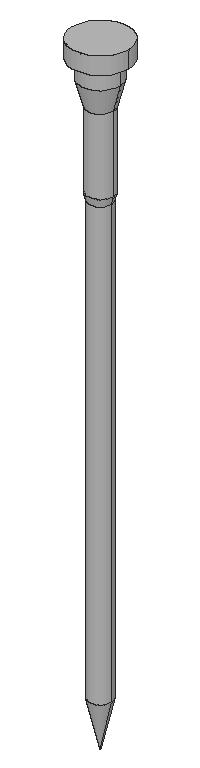
Revit family "ROTHOB_Rothoblaas_Screw_HBSPlate-HBSPL", category Structural Connections, host Face, Revit 2022
Family settings
  Host = Face
  Material for Model Behavior = Steel
  OmniClass Number = 23.20.40.11.14.24
  OmniClass Title = Screws
  Enable cutting in views = Yes
  Cut with Voids When Loaded = No
  Shared = No
Parameters (values of type "HBSPL12200_12x200mm")
  WasherThickness_tk = if(ModelNumberCode < 1000, 4.5000 mm, if(ModelNumberCode < 1100, 5.0000 mm, if(ModelNumberCode < 10000, 4.5000 mm, if(ModelNumberCode > 11900, 5.5000 mm, 5.0000 mm))))  # 5.5000 mm
  WarrantyStartDate [instance] = ""
  WarrantyGuarantorParts = "n/a"
  WarrantyGuarantorLabor = "n/a"
  WarrantyDurationUnit = "n/a"
  WarrantyDurationParts = "n/a"
  WarrantyDurationLabor = "n/a"
  WarrantyDescription = "n/a"
  Version = "003"  # constant formula
  UniClass2015Version = "Products v1.38"  # constant formula
  UniClass2015Title = "Self-tapping screws"  # constant formula
  UniClass2015Code = "Pr_20_29_76_75"  # constant formula
  UnderheadLength = if(ModelNumberCode < 1000, 4.0000 mm, if(ModelNumberCode < 1100, 5.0000 mm, if(ModelNumberCode < 10000, 4.0000 mm, if(ModelNumberCode > 11900, 6.0000 mm, 5.0000 mm))))  # 6.0000 mm
  UnderheadDiameter = if(ModelNumberCode < 1000, 10.0000 mm, if(ModelNumberCode < 1100, 12.0000 mm, if(ModelNumberCode < 10000, 10.0000 mm, if(ModelNumberCode > 11900, 13.0000 mm, 12.0000 mm))))  # 13.0000 mm
  Tipo IFC predefinito = "USERDEFINED"
  TipLength = if(ModelNumberCode < 1000, 11.8318 mm, if(ModelNumberCode < 1100, 13.2356 mm, if(ModelNumberCode < 10000, 11.8318 mm, if(ModelNumberCode > 11900, 14.6393 mm, 13.2356 mm))))  # 14.6393 mm
  ThreadRadius = ThreadDiameter_d2 / 2  # 3.6500 mm
  ThreadLength_b = if(ModelNumberCode = 860, 52.0000 mm, if(ModelNumberCode = 880, 55.0000 mm, if(ModelNumberCode = 8100, 75.0000 mm, if(ModelNumberCode = 8120, 95.0000 mm, if(ModelNumberCode = 8140, 110.0000 mm, if(ModelNumberCode = 8160, 130.0000 mm, if(ModelNumberCode = 1080, 60.0000 mm, if(ModelNumberCode = 10100, 75.0000 mm, if(ModelNumberCode = 10120, 95.0000 mm, if(ModelNumberCode = 10140, 110.0000 mm, if(ModelNumberCode = 10160, 130.0000 mm, if(ModelNumberCode = 10180, 150.0000 mm, if(ModelNumberCode = 12100, 75.0000 mm, if(ModelNumberCode = 12120, 90.0000 mm, if(ModelNumberCode = 12140, 110.0000 mm, if(ModelNumberCode = 12160, 120.0000 mm, if(ModelNumberCode = 12180, 140.0000 mm, if(ModelNumberCode = 12200, 160.0000 mm, 150.0000 mm))))))))))))))))))  # 160.0000 mm
  ThreadDiameter_d2 = if(ModelNumberCode < 1000, 5.9000 mm, if(ModelNumberCode < 1100, 6.6000 mm, if(ModelNumberCode < 10000, 5.9000 mm, if(ModelNumberCode > 11900, 7.3000 mm, 6.6000 mm))))  # 7.3000 mm
  SustainabilityPerformance = "n/a"  # constant formula
  Size = "12x200 mm"
  Shape = "Cylindrical"  # constant formula
  ShankLength = if(ModelNumberCode < 870, 1.0000 mm, if(ModelNumberCode < 900, 14.9929 mm, if(ModelNumberCode < 1090, 7.7353 mm, if(ModelNumberCode < 8130, 14.9929 mm, if(ModelNumberCode < 8170, 19.9929 mm, if(ModelNumberCode < 10130, 12.7352 mm, if(ModelNumberCode < 10190, 17.7353 mm, if(ModelNumberCode < 12110, 9.7949 mm, if(ModelNumberCode < 12150, 14.7888 mm, 24.7888 mm)))))))))  # 24.7888 mm
  ShankDiameter_ds = if(ModelNumberCode < 1000, 6.3000 mm, if(ModelNumberCode < 1100, 7.2000 mm, if(ModelNumberCode < 10000, 6.3000 mm, if(ModelNumberCode > 11900, 8.5500 mm, 7.2000 mm))))  # 8.5500 mm
  Revision = "000"  # constant formula
  ReplacementCost = "n/a"
  HeadType = "Reinforced pan head"  # constant formula
  H2 = if(ModelNumberCode < 1000, 2.0141 mm, if(ModelNumberCode < 1100, 1.5329 mm, if(ModelNumberCode < 10000, 2.0141 mm, if(ModelNumberCode > 11900, 2.4209 mm, 1.5329 mm))))  # 2.4209 mm
  H1 = if(ModelNumberCode < 1000, 5.0000 mm, if(ModelNumberCode < 1100, 6.5000 mm, if(ModelNumberCode < 10000, 5.0000 mm, if(ModelNumberCode > 11900, 8.0000 mm, 6.5000 mm))))  # 8.0000 mm
  GTIN = "8059386079119"
  Default Elevation = 1219.2000 mm
  ProductInformation = "www.rothoblaas.com/products/fastening/screws/screws-carpentry/hbs-plate"
  OmniClassVersion = "2012-05-16"  # constant formula
  OmniClassTitle = "Screws"  # constant formula
  OmniClassCode = "23.20.40.11.14.24"  # constant formula
  ObjectMaterial = ROTHOB_Rothoblaas_CarbonSteel_Electrogalvanized
  NominalWidth = "n/a"  # constant formula
  NominalLength = InsertionLength_L  # 200.0000 mm
  NominalHeight = "n/a"  # constant formula
  NominalDiameter = NominalDiameter_d1  # 12.0000 mm
  NominalDiameter_d1 = if(ModelNumberCode < 1000, 8.0000 mm, if(ModelNumberCode < 1100, 10.0000 mm, if(ModelNumberCode < 10000, 8.0000 mm, if(ModelNumberCode > 11900, 12.0000 mm, 10.0000 mm))))  # 12.0000 mm
  Name = "Screw"  # constant formula
  ModelReference = "n/a"  # constant formula
  ModelNumberCode = 12200
  ModelNumber = "HBSPL12200"
  ModelDisclaimer = "The latest version of the data sheets can be found on our website"  # constant formula
  MinWeight = "0.094 kg"
  Material = "Electrogalvanized carbon steel"  # constant formula
  ManufacturerURL = "www.rothoblaas.com"
  ManufacturerName = "ROTHO BLAAS SRL"  # constant formula
  Manufacturer = "info@rothoblaas.com"
  Manufacturer = "info@rothoblaas.com"
  InstallationDate [instance] = ""
  InsertionLength_L = if(ModelNumberCode = 860, 60.0000 mm, if(ModelNumberCode = 880, 80.0000 mm, if(ModelNumberCode = 8100, 100.0000 mm, if(ModelNumberCode = 8120, 120.0000 mm, if(ModelNumberCode = 8140, 140.0000 mm, if(ModelNumberCode = 8160, 160.0000 mm, if(ModelNumberCode = 1080, 80.0000 mm, if(ModelNumberCode = 10100, 100.0000 mm, if(ModelNumberCode = 10120, 120.0000 mm, if(ModelNumberCode = 10140, 140.0000 mm, if(ModelNumberCode = 10160, 160.0000 mm, if(ModelNumberCode = 10180, 180.0000 mm, if(ModelNumberCode = 12100, 100.0000 mm, if(ModelNumberCode = 12120, 120.0000 mm, if(ModelNumberCode = 12140, 140.0000 mm, if(ModelNumberCode = 12160, 160.0000 mm, if(ModelNumberCode = 12180, 180.0000 mm, if(ModelNumberCode = 12200, 200.0000 mm, 250.0000 mm))))))))))))))))))  # 200.0000 mm
  IfcExportType = "USERDEFINED"
  IfcExportAs = "IfcMechanicalFastenerType"
  ICC-ESTitle = "Rotho blaas self-tapping wood screws | Rotho Blaas Self-tapping Wood Screws"  # constant formula
  ICC-ESCode = "ESR-4645 | ELC-4645"  # constant formula
  HeadThickness_t1 = if(ModelNumberCode < 1000, 13.5000 mm, if(ModelNumberCode < 1100, 16.5000 mm, if(ModelNumberCode < 10000, 13.5000 mm, if(ModelNumberCode > 11900, 19.5000 mm, 16.5000 mm))))  # 19.5000 mm
  HeadDiameter_dk = if(ModelNumberCode < 1000, 13.5000 mm, if(ModelNumberCode < 1100, 16.5000 mm, if(ModelNumberCode < 10000, 13.5000 mm, if(ModelNumberCode > 11900, 18.5000 mm, 16.5000 mm))))  # 18.5000 mm
  Grade = "n/a"  # constant formula
  Finish = "Zinc plated"  # constant formula
  Features = "Self-tapping screws for steel-timber connections"  # constant formula
  ExpectedLife = "50"  # constant formula
  Esporta tipo in formato IFC con nome = "IfcMechanicalFastenerType"
  DurationUnit = "Years"  # constant formula
  Description = "Pan head screws for plates"  # constant formula
  Description = "Pan head screws for plates"  # constant formula
  Constituents = "n/a"  # constant formula
  Color = "Silver"  # constant formula
  CodePerformance = "CE - Construction products"  # constant formula
  Category = "Pr_20_29_76_75: Self-tapping screws"  # constant formula
  CETitle = "Rotho Blaas Self-tapping screws and threaded rods"  # constant formula
  CECode = "ETA-11/0030"  # constant formula
  BitType = if(NominalDiameter_d1 = 8.0000 mm, 40, if(NominalDiameter_d1 = 10.0000 mm, 40, if(NominalDiameter_d1 = 12.0000 mm, 50, 0)))  # 50
  BIMObjectName = "ROTHOB_Rothoblaas_Screw_HBSPlate-HBSPL"  # constant formula
  Author = "Augusto Meorali"  # constant formula
  AssetType = "Fixed"  # constant formula
  AccessibilityPerformance = "n/a"  # constant formula
Types (19, lengths in mm): name | WasherThickness_tk | UnderheadLength | UnderheadDiameter | TipLength | ThreadRadius | ThreadLength_b | ThreadDiameter_d2 | Size | ShankLength | ShankDiameter_ds | H2 | H1 | GTIN | NominalLength | NominalDiameter | NominalDiameter_d1 | ModelNumberCode | ModelNumber | MinWeight | InsertionLength_L | HeadThickness_t1 | HeadDiameter_dk | BitType
  (no name) | 5.5000 | 6.0000 | 13.0000 | 14.6393 | 3.6500 | 160.0000 | 7.3000 | "12x200 mm" | 24.7888 | 8.5500 | 2.4209 | 8.0000 | "8059386079119" | 200.0000 | 12.0000 | 12.0000 | 12200 | "HBSPL12200" | "0.094 kg" | 200.0000 | 19.5000 | 18.5000 | 50
  HBSPL860_8x60mm | 4.5000 | 4.0000 | 10.0000 | 11.8318 | 2.9500 | 52.0000 | 5.9000 | "8x60 mm" | 1.0000 | 6.3000 | 2.0141 | 5.0000 | "8059386079140" | 60.0000 | 8.0000 | 8.0000 | 860 | "HBSPL860" | "0.014 kg" | 60.0000 | 13.5000 | 13.5000 | 40
  HBSPL880_8x80mm | 4.5000 | 4.0000 | 10.0000 | 11.8318 | 2.9500 | 55.0000 | 5.9000 | "8x80 mm" | 14.9929 | 6.3000 | 2.0141 | 5.0000 | "8059386079188" | 80.0000 | 8.0000 | 8.0000 | 880 | "HBSPL880" | "0.027 kg" | 80.0000 | 13.5000 | 13.5000 | 40
  HBSPL8100_8x100mm | 4.5000 | 4.0000 | 10.0000 | 11.8318 | 2.9500 | 75.0000 | 5.9000 | "8x100 mm" | 14.9929 | 6.3000 | 2.0141 | 5.0000 | "8059386079164" | 100.0000 | 8.0000 | 8.0000 | 8100 | "HBSPL8100" | "0.030 kg" | 100.0000 | 13.5000 | 13.5000 | 40
  HBSPL8120_8x120mm | 4.5000 | 4.0000 | 10.0000 | 11.8318 | 2.9500 | 95.0000 | 5.9000 | "8x120 mm" | 14.9929 | 6.3000 | 2.0141 | 5.0000 | "8059386079058" | 120.0000 | 8.0000 | 8.0000 | 8120 | "HBSPL8120" | "0.036 kg" | 120.0000 | 13.5000 | 13.5000 | 40
  HBSPL8140_8x140mm | 4.5000 | 4.0000 | 10.0000 | 11.8318 | 2.9500 | 110.0000 | 5.9000 | "8x140 mm" | 19.9929 | 6.3000 | 2.0141 | 5.0000 | "8059386079195" | 140.0000 | 8.0000 | 8.0000 | 8140 | "HBSPL8140" | "0.030 kg" | 140.0000 | 13.5000 | 13.5000 | 40
  HBSPL8160_8x160mm | 4.5000 | 4.0000 | 10.0000 | 11.8318 | 2.9500 | 130.0000 | 5.9000 | "8x160 mm" | 19.9929 | 6.3000 | 2.0141 | 5.0000 | "8059386079089" | 160.0000 | 8.0000 | 8.0000 | 8160 | "HBSPL8160" | "0.035 kg" | 160.0000 | 13.5000 | 13.5000 | 40
  HBSPL1080_10x80mm | 5.0000 | 5.0000 | 12.0000 | 13.2356 | 3.3000 | 60.0000 | 6.6000 | "10x80 mm" | 7.7353 | 7.2000 | 1.5329 | 6.5000 | "8059386079201" | 80.0000 | 10.0000 | 10.0000 | 1080 | "HBSPL1080" | "0.034 kg" | 80.0000 | 16.5000 | 16.5000 | 40
  HBSPL10100_10x100mm | 5.0000 | 5.0000 | 12.0000 | 13.2356 | 3.3000 | 75.0000 | 6.6000 | "10x100 mm" | 12.7352 | 7.2000 | 1.5329 | 6.5000 | "8059386079072" | 100.0000 | 10.0000 | 10.0000 | 10100 | "HBSPL10100" | "0.038 kg" | 100.0000 | 16.5000 | 16.5000 | 40
  HBSPL10120_10x120mm | 5.0000 | 5.0000 | 12.0000 | 13.2356 | 3.3000 | 95.0000 | 6.6000 | "10x120 mm" | 12.7352 | 7.2000 | 1.5329 | 6.5000 | "8059386079133" | 120.0000 | 10.0000 | 10.0000 | 10120 | "HBSPL10120" | "0.046 kg" | 120.0000 | 16.5000 | 16.5000 | 40
  HBSPL10140_10x140mm | 5.0000 | 5.0000 | 12.0000 | 13.2356 | 3.3000 | 110.0000 | 6.6000 | "10x140 mm" | 17.7353 | 7.2000 | 1.5329 | 6.5000 | "8059386079065" | 140.0000 | 10.0000 | 10.0000 | 10140 | "HBSPL10140" | "0.047 kg" | 140.0000 | 16.5000 | 16.5000 | 40
  HBSPL10160_10x160mm | 5.0000 | 5.0000 | 12.0000 | 13.2356 | 3.3000 | 130.0000 | 6.6000 | "10x160 mm" | 17.7353 | 7.2000 | 1.5329 | 6.5000 | "8059386079102" | 160.0000 | 10.0000 | 10.0000 | 10160 | "HBSPL10160" | "0.058 kg" | 160.0000 | 16.5000 | 16.5000 | 40
  HBSPL10180_10x180mm | 5.0000 | 5.0000 | 12.0000 | 13.2356 | 3.3000 | 150.0000 | 6.6000 | "10x180 mm" | 17.7353 | 7.2000 | 1.5329 | 6.5000 | "8059386079157" | 180.0000 | 10.0000 | 10.0000 | 10180 | "HBSPL10180" | "0.060 kg" | 180.0000 | 16.5000 | 16.5000 | 40
  HBSPL12100_12x100mm | 5.5000 | 6.0000 | 13.0000 | 14.6393 | 3.6500 | 75.0000 | 7.3000 | "12x100 mm" | 9.7949 | 8.5500 | 2.4209 | 8.0000 | "8059386079171" | 100.0000 | 12.0000 | 12.0000 | 12100 | "HBSPL12100" | "0.050 kg" | 100.0000 | 19.5000 | 18.5000 | 50
  HBSPL12120_12x120mm | 5.5000 | 6.0000 | 13.0000 | 14.6393 | 3.6500 | 90.0000 | 7.3000 | "12x120 mm" | 14.7888 | 8.5500 | 2.4209 | 8.0000 | "8059386079232" | 120.0000 | 12.0000 | 12.0000 | 12120 | "HBSPL12120" | "0.063 kg" | 120.0000 | 19.5000 | 18.5000 | 50
  HBSPL12140_12x140mm | 5.5000 | 6.0000 | 13.0000 | 14.6393 | 3.6500 | 110.0000 | 7.3000 | "12x140 mm" | 14.7888 | 8.5500 | 2.4209 | 8.0000 | "8059386079126" | 140.0000 | 12.0000 | 12.0000 | 12140 | "HBSPL12140" | "0.070 kg" | 140.0000 | 19.5000 | 18.5000 | 50
  HBSPL12160_12x160mm | 5.5000 | 6.0000 | 13.0000 | 14.6393 | 3.6500 | 120.0000 | 7.3000 | "12x160 mm" | 24.7888 | 8.5500 | 2.4209 | 8.0000 | "8059386079096" | 160.0000 | 12.0000 | 12.0000 | 12160 | "HBSPL12160" | "0.078 kg" | 160.0000 | 19.5000 | 18.5000 | 50
  HBSPL12180_12x180mm | 5.5000 | 6.0000 | 13.0000 | 14.6393 | 3.6500 | 140.0000 | 7.3000 | "12x180 mm" | 24.7888 | 8.5500 | 2.4209 | 8.0000 | "8059386079041" | 180.0000 | 12.0000 | 12.0000 | 12180 | "HBSPL12180" | "0.086 kg" | 180.0000 | 19.5000 | 18.5000 | 50
  HBSPL12200_12x200mm | 5.5000 | 6.0000 | 13.0000 | 14.6393 | 3.6500 | 160.0000 | 7.3000 | "12x200 mm" | 24.7888 | 8.5500 | 2.4209 | 8.0000 | "8059386079119" | 200.0000 | 12.0000 | 12.0000 | 12200 | "HBSPL12200" | "0.094 kg" | 200.0000 | 19.5000 | 18.5000 | 50
Reference planes
  plane 1 "Centro (Fronte/Retro)": y = 0
  plane 2: z = 0
  plane 3 "Centro (Sinistra/Destra)": x = 0
  plane 4: z = 5.5
  plane 5: z = -6
  plane 6: z = -14
  plane 7: z = -38.789
  plane 8: z = -41.21
  plane 9: z = -185.361
  plane 10: z = -200
  plane 11: x = -3.65
  plane 12: x = 3.65
Forms (mm)
  Extrusion 1, solid, material "ROTHOB_Rothoblaas_CarbonSteel_Electrogalvanized" <- "ObjectMaterial"
    sketch origin (0, 0, 0) x (1, 0, 0) y (0, 1, 0)
      loop
        circle (0, 0) r 9.25
    from 0 to 5.5
  Extrusion 2, solid, material "ROTHOB_Rothoblaas_CarbonSteel_Electrogalvanized" <- "ObjectMaterial"
    sketch origin (0, 0, 0) x (1, 0, 0) y (0, 1, 0)
      loop
        circle (0, 0) r 6.5
    from -6 to 0
  Extrusion 3, solid, material "ROTHOB_Rothoblaas_CarbonSteel_Electrogalvanized" <- "ObjectMaterial"
    sketch origin (0, 0, 0) x (1, 0, 0) y (0, 1, 0)
      loop
        circle (0, 0) r 4.275
    from -38.789 to -14
  Blend 4, solid, material "ROTHOB_Rothoblaas_CarbonSteel_Electrogalvanized" <- "ObjectMaterial"
    base sketch origin (0, 0, 0) x (1, 0, 0) y (0, 1, 0)
      loop
        circle (0, 0) r 4.275
    top sketch origin (0, 0, 0) x (1, 0, 0) y (0, 1, 0)
      loop
        circle (0, 0) r 6.5
    from -14 to -6
  Blend 5, solid, material "ROTHOB_Rothoblaas_CarbonSteel_Electrogalvanized" <- "ObjectMaterial"
    base sketch origin (0, 0, 0) x (1, 0, 0) y (0, 1, 0)
      loop
        circle (0, 0) r 3.65
    top sketch origin (0, 0, 0) x (1, 0, 0) y (0, 1, 0)
      loop
        circle (0, 0) r 4.275
    from -41.21 to -38.789
  Revolve 6, solid, material "ROTHOB_Rothoblaas_CarbonSteel_Electrogalvanized" <- "ObjectMaterial"
    sketch origin (0, 0, 0) x (1, 0, 0) y (0, 0, 1)
      loop
        line (-3.65, -41.21) -> (-3.65, -185.361) -> (0, -200) -> (0, -41.21) -> (-3.65, -41.21)
      axis (0, -41.21) -> (0, -200)
    angle from 0 to 360
Cuts and joins
  joined: Extrusion 1, Extrusion 2, Extrusion 3, Blend 4, Blend 5, Revolve 6
Dimensions and locks
  equal spacing: host sketch curve, plane 3 "Centro (Sinistra/Destra)", host sketch curve
  host sketch curve to host sketch curve = 50.0000 mm  (x2)
  equal spacing: host sketch curve, plane 1 "Centro (Fronte/Retro)", host sketch curve
  "WasherThickness_tk": plane 4 to level
  "UnderheadLength": level to plane 5
  "H1": plane 5 to plane 6
  "ShankLength": plane 6 to plane 7
  "H2": plane 7 to plane 8
  "InsertionLength_L": level to plane 10
  "TipLength": plane 9 to plane 10
  equal spacing: plane 12, plane 3 "Centro (Sinistra/Destra)", plane 11
  "ThreadDiameter_d2": plane 12 to plane 11
  "HeadDiameter_dk": diameter of Extrusion 1 sketch curve
  "UnderheadDiameter": diameter of Extrusion 2 sketch curve
  "ShankDiameter_ds": diameter of Extrusion 3 sketch curve
  "ShankDiameter_ds": diameter of Blend 4 sketch curve
  "UnderheadDiameter": diameter of Blend 4 sketch curve
  "ThreadDiameter_d2": diameter of Blend 5 sketch curve
  "ShankDiameter_ds": diameter of Blend 5 sketch curve
  aligned and locked: plane 2 to host face
  aligned and locked: level to host face
  aligned and locked: plane 3 "Centro (Sinistra/Destra)" to Extrusion 1 sketch curve
  aligned and locked: plane 1 "Centro (Fronte/Retro)" to Extrusion 1 sketch curve
  aligned and locked: Extrusion 1 to level
  aligned and locked: plane 4 to Extrusion 1
  aligned and locked: plane 3 "Centro (Sinistra/Destra)" to Extrusion 2 sketch curve
  aligned and locked: plane 1 "Centro (Fronte/Retro)" to Extrusion 2 sketch curve
  aligned and locked: Extrusion 2 to plane 5
  aligned and locked: level to Extrusion 2
  aligned and locked: plane 3 "Centro (Sinistra/Destra)" to Extrusion 3 sketch curve
  aligned and locked: plane 1 "Centro (Fronte/Retro)" to Extrusion 3 sketch curve
  aligned and locked: plane 6 to Extrusion 3
  aligned and locked: Extrusion 3 to plane 7
  aligned and locked: plane 3 "Centro (Sinistra/Destra)" to Blend 4 sketch curve  (x2)
  aligned and locked: plane 1 "Centro (Fronte/Retro)" to Blend 4 sketch curve  (x2)
  aligned and locked: plane 5 to Blend 4
  aligned and locked: Blend 4 to plane 6
  aligned and locked: plane 3 "Centro (Sinistra/Destra)" to Blend 5 sketch curve  (x2)
  aligned and locked: plane 1 "Centro (Fronte/Retro)" to Blend 5 sketch curve  (x2)
  aligned and locked: plane 7 to Blend 5
  aligned and locked: Blend 5 to plane 8
  aligned and locked: plane 10 to Revolve 6 sketch curve
  aligned and locked: plane 9 to Revolve 6 sketch curve
  aligned and locked: Revolve 6 sketch curve to plane 3 "Centro (Sinistra/Destra)"
  aligned and locked: Revolve 6 sketch curve to plane 11
  aligned and locked: Revolve 6 sketch curve to plane 8
